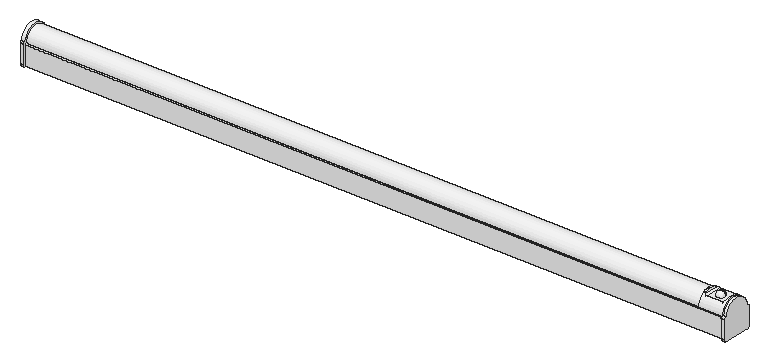
Revit family "0045223 Feilo Sylvania Lighting Fixture SYLBATTEN LED8 6000K TP3 PIR", category Lighting Fixtures, host Face, Revit 2017
Family settings
  Host = Face
  Round Connector Dimension = Use Diameter
  Part Type = Normal
  OmniClass Number = 23.80.70.00
  OmniClass Title = Lighting
  Cut with Voids When Loaded = No
  Light Source = Yes
  Shared = No
  Room Calculation Point = No
Parameters (values of type "0045223 SYLBATTEN LED8 6000K TP3 PIR")
  Width_FEILO = 66 mm
  Weight = "3.3 kg"
  Wattage Comments = "n/a"
  Wattage = 79 W
  WarrantyStartDate [instance] = "n/a"
  WarrantyGuarantorParts = "n/a"
  WarrantyDurationUnit = "n/a"
  WarrantyDurationParts = "n/a"
  WarrantyDescription = "n/a"
  built-in parameter 1150110 = 1 (stored number, unit not read)
  Voltage = 230 V
  URL = "http://www.sylvania-lighting.com"
  TypeName = "SYLBATTEN LED8 6000K TP3 PIR"
  Type Image = <None>
  Type Comments = "n/a"
  built-in parameter 1114217 = 1 (stored number, unit not read)
  Tilt Angle = -90.00°
  built-in parameter 1150109 = 1 (stored number, unit not read)
  built-in parameter 1150134 = 5
  SymReflector_FEILO = no
  built-in parameter 1150113 = 1 (stored number, unit not read)
  SerialNumber [instance] = "n/a"
  RadiusPIR_FEILO = 9 mm
  RadiusDiffuser_FEILO = 27 mm
  PowerFactor = 0
  PowerConsumption = "79 W"
  Photometric Web File = "0045223.ies"
  NominalLength = 1605 mm
  NominalHeight = 76 mm
  NominalDepth = 66 mm
  Name = "SYLBATTEN LED8 6000K TP3 PIR"
  ModelReference = Name  # "SYLBATTEN LED8 6000K TP3 PIR"
  ModelNumber = "0045223"
  Model = Name  # "SYLBATTEN LED8 6000K TP3 PIR"
  Material_4_FEILO = Reflector-Sylvania-Sylbatten-White
  Material_3_FEILO = Diffuser-Sylvania-Sylbatten-Glow
  Material_2_FEILO = Body-Sylvania-Sylbatten-White
  Material_1_FEILO = Body-Sylvania-Sylbatten-White
  Material = "sheet steel housing, polycarbonate diffuser"
  ManufacturerName = "Feilo Sylvania"
  Manufacturer = "Feilo Sylvania"
  LuminousEfficacy = "110.4 lm/W"
  built-in parameter 1150105 = 2455.4 (stored number, unit not read)
  Lumens = 8723.97 lm
  LuminaireType = ""
  built-in parameter 1150115 = 1 (stored number, unit not read)
  LightOutputRatio = "100"
  built-in parameter 1150137 = (empty or 0)
  built-in parameter 1150139 = (empty or 0)
  Length_FEILO = 1605 mm
  LampsType = Lamp  # "LED"
  LampNominalLuminous = "8724 lm"
  LampMacAdamStep = "n/a"
  LampColourTemperature = "6000 K"
  LampColourRenderingIndex = "80"
  built-in parameter 1150112 = 1 (stored number, unit not read)
  built-in parameter 1150114 = 1 (stored number, unit not read)
  Lamp = "LED"
  Keynote = "16500"
  InstallationDate [instance] = "n/a"
  InputVoltage = "220-240V~"
  InputNominalFrequency = "n/a"
  built-in parameter 1150132 = (empty or 0)
  built-in parameter 1150102 = (empty or 0)
  built-in parameter 1150107 = 6000 (stored number, unit not read)
  built-in parameter 1150138 = (empty or 0)
  IngressProtection = "IP20"
  ImpactProtectionIndex = "IK07"
  built-in parameter 1150106 = 24.554 (stored number, unit not read)
  IfcExportType = "IfcLightFixtureType"
  IfcExportAs = "IfcLightFixtureType"
  Height_FEILO = 76 mm
  ExpectedLife = 50000
  Emit from Rectangle Width = Length_FEILO - 16 mm - 55 mm  # 1534 mm
  Emit from Rectangle Length = Width_FEILO - 40 mm  # 26 mm
  Emit Shape Visible in Rendering = no
  ElectricShockClassification = "Class I"
  built-in parameter 1150104 = 10.259 (stored number, unit not read)
  DurationUnit = "hours"
  DocumentationLiterature = "http://www.sylvania-lighting.com/product/en-int/products/0045223"
  DimmingControlOptions = "n/a"
  Dimming Lamp Color Temperature Shift = <None>
  Description = "LED batten, T8 replacement, ease of installation through 2 part push-in design of the housing (safety cable included), through wiring capability (TP3 = 3 core), sheet steel, 8724LM, 79W, 110lm/W, 6000K, drive current: 450mA, CRI 80, 138° wide beam angle, electronic driver (non dimmable), with integrated PIR sensor, IP20, IK07, 50,000 hrs (L70), (LxWxH) 1505x66x76mm, 5 step MacAdam ellipse, 3.7kg, white RAL 9016, Class 1, 220-240V, energy class: A++, A+, A."
  Default Elevation = 1219.2 mm
  CreatedOn = "2/1/2018"
  CreatedBy = ""
  Cost = 0
  Color Filter = 16777215
  built-in parameter 1114216 [instance] = (empty or 0)
  ClassificationValue = "EF_70_80"
  ClassificationName = "Uniclass2015"
  CapOffset_FEILO = 2 mm
  BarCode [instance] = "n/a"
  built-in parameter 1114218 = 1 (stored number, unit not read)
  BackReflector_FEILO = and(not(AsymReflector_FEILO), SymReflector_FEILO)  # no
  built-in parameter 1150133 = 10 (stored number, unit not read)
  FrontReflector_FEILO = or(AsymReflector_FEILO, SymReflector_FEILO)  # no
  AsymReflector_FEILO = no
  AssetType = "Fixed"
  AssetIdentifier [instance] = "n/a"
  Assembly Code = "D5020200"
  Apparent Load = 79 VA
Reference planes
  plane 1 "Center (Front/Back)": y = 0
  plane 2: z = 0
  plane 3 "Center (Left/Right)": x = 0
  plane 4: x = 802.5
  plane 5: x = -802.5
  plane 6: y = 33
  plane 7: y = -33
  plane 8: z = 76
  plane 9: z = 47
  plane 10: y = -29
  plane 11: y = 29
  plane 12: z = 20
  plane 13: z = 74
  plane 14: y = -31
  plane 15: y = -27
  plane 16: y = 27
  plane 17: y = 31
  plane 18: z = 2
  plane 19: x = -794.5
  plane 20: x = 794.5
  plane 21: z = 49
  plane 22: y = 1
  plane 23: y = -1
  plane 24: z = 21
  plane 25: z = 19
  plane 26: y = -61
  plane 27: y = 61
  plane 28: y = -56
  plane 29: y = 56
  plane 30: z = 91
  plane 31: z = 88
  plane 32: x = 739.5
  plane 33: x = 745.5
  plane 34: x = 788.5
  plane 35: z = 69
  plane 36: x = 767
  plane 37: x = -27.5
Forms (mm)
  Extrusion 1, solid, material "Body-Sylvania-Sylbatten-White" <- "Material_2_FEILO"
    sketch origin (0, 0, 0) x (0, 1, 0) y (0, 0, 1)
      loop
        line (-31, 2) -> (31, 2) -> (31, 45)
        arc (31, 45) -> (30.414, 46.414) -> (29, 47) r 2
        line (29, 47) -> (-29, 47)
        arc (-29, 47) -> (-30.414, 46.414) -> (-31, 45) r 2
        line (-31, 45) -> (-31, 2)
    from -794.5 to 794.5
  Extrusion 2, solid, material "Body-Sylvania-Sylbatten-White" <- "Material_2_FEILO"
    sketch origin (802.5, 1524, 1219.2) x (0, 1, 0) y (0, 0, 1)
      loop
        arc (-1494, -1219.2) -> (-1491.879, -1218.321) -> (-1491, -1216.2) r 3
        line (-1491, -1216.2) -> (-1491, -1173.2)
        arc (-1491, -1173.2) -> (-1491.879, -1171.079) -> (-1494, -1170.2) r 3
        line (-1494, -1170.2) -> (-1495.069, -1170.2)
        arc (-1495.069, -1170.2) -> (-1524, -1143.2) -> (-1552.931, -1170.2) r 29
        line (-1552.931, -1170.2) -> (-1554, -1170.2)
        arc (-1554, -1170.2) -> (-1556.121, -1171.079) -> (-1557, -1173.2) r 3
        line (-1557, -1173.2) -> (-1557, -1216.2)
        arc (-1557, -1216.2) -> (-1556.121, -1218.321) -> (-1554, -1219.2) r 3
        line (-1554, -1219.2) -> (-1494, -1219.2)
      loop
        arc (-1525, -1189.25) -> (-1531.071, -1192.129) -> (-1533.95, -1198.2) r 10
        line (-1533.95, -1198.2) -> (-1532.944, -1198.2)
        arc (-1532.944, -1198.2) -> (-1530.364, -1192.836) -> (-1525, -1190.256) r 9
        line (-1525, -1190.256) -> (-1525, -1189.25)
      loop
        arc (-1523, -1190.256) -> (-1517.636, -1192.836) -> (-1515.056, -1198.2) r 9
        line (-1515.056, -1198.2) -> (-1514.05, -1198.2)
        arc (-1514.05, -1198.2) -> (-1516.929, -1192.129) -> (-1523, -1189.25) r 10
        line (-1523, -1189.25) -> (-1523, -1190.256)
      loop
        line (-1532.944, -1200.2) -> (-1533.95, -1200.2)
        arc (-1533.95, -1200.2) -> (-1531.071, -1206.271) -> (-1525, -1209.15) r 10
        line (-1525, -1209.15) -> (-1525, -1208.144)
        arc (-1525, -1208.144) -> (-1530.364, -1205.564) -> (-1532.944, -1200.2) r 9
      loop
        arc (-1515.056, -1200.2) -> (-1517.636, -1205.564) -> (-1523, -1208.144) r 9
        line (-1523, -1208.144) -> (-1523, -1209.15)
        arc (-1523, -1209.15) -> (-1516.929, -1206.271) -> (-1514.05, -1200.2) r 10
        line (-1514.05, -1200.2) -> (-1515.056, -1200.2)
    from 0 to -8
  Extrusion 3, solid, material "Body-Sylvania-Sylbatten-White" <- "Material_2_FEILO"
    sketch origin (-802.5, 1524, 1219.2) x (0, 1, 0) y (0, 0, 1)
      loop
        arc (-1495.069, -1170.2) -> (-1524, -1143.2) -> (-1552.931, -1170.2) r 29
        line (-1552.931, -1170.2) -> (-1554, -1170.2)
        arc (-1554, -1170.2) -> (-1556.121, -1171.079) -> (-1557, -1173.2) r 3
        line (-1557, -1173.2) -> (-1557, -1216.2)
        arc (-1557, -1216.2) -> (-1556.121, -1218.321) -> (-1554, -1219.2) r 3
        line (-1554, -1219.2) -> (-1494, -1219.2)
        arc (-1494, -1219.2) -> (-1491.879, -1218.321) -> (-1491, -1216.2) r 3
        line (-1491, -1216.2) -> (-1491, -1173.2)
        arc (-1491, -1173.2) -> (-1491.879, -1171.079) -> (-1494, -1170.2) r 3
        line (-1494, -1170.2) -> (-1495.069, -1170.2)
      loop
        line (-1533.95, -1198.2) -> (-1532.944, -1198.2)
        arc (-1532.944, -1198.2) -> (-1530.364, -1192.836) -> (-1525, -1190.256) r 9
        line (-1525, -1190.256) -> (-1525, -1189.25)
        arc (-1525, -1189.25) -> (-1531.071, -1192.129) -> (-1533.95, -1198.2) r 10
      loop
        line (-1523, -1189.25) -> (-1523, -1190.256)
        arc (-1523, -1190.256) -> (-1517.636, -1192.836) -> (-1515.056, -1198.2) r 9
        line (-1515.056, -1198.2) -> (-1514.05, -1198.2)
        arc (-1514.05, -1198.2) -> (-1516.929, -1192.129) -> (-1523, -1189.25) r 10
      loop
        line (-1514.05, -1200.2) -> (-1515.056, -1200.2)
        arc (-1515.056, -1200.2) -> (-1517.636, -1205.564) -> (-1523, -1208.144) r 9
        line (-1523, -1208.144) -> (-1523, -1209.15)
        arc (-1523, -1209.15) -> (-1516.929, -1206.271) -> (-1514.05, -1200.2) r 10
      loop
        line (-1525, -1209.15) -> (-1525, -1208.144)
        arc (-1525, -1208.144) -> (-1530.364, -1205.564) -> (-1532.944, -1200.2) r 9
        line (-1532.944, -1200.2) -> (-1533.95, -1200.2)
        arc (-1533.95, -1200.2) -> (-1531.071, -1206.271) -> (-1525, -1209.15) r 10
    from 0 to 8
  Extrusion 4, solid, material "Reflector-Sylvania-Sylbatten-White" <- "Material_4_FEILO", visible <- "FrontReflector_FEILO"
    sketch origin (0, 0, 0) x (0, 1, 0) y (0, 0, 1)
      loop
        line (-61.257, 88.429) -> (-60.743, 87.571) -> (-56.621, 90.044)
        arc (-56.621, 90.044) -> (-56.237, 90.099) -> (-55.929, 89.863) r 0.5
        line (-55.929, 89.863) -> (-31.435, 46.753) -> (-30.565, 47.247) -> (-55.312, 90.802)
        arc (-55.312, 90.802) -> (-55.928, 91.275) -> (-56.696, 91.165) r 1
        line (-56.696, 91.165) -> (-61.257, 88.429)
    from -794.5 to 794.5
  Extrusion 5, solid, material "Reflector-Sylvania-Sylbatten-White" <- "Material_4_FEILO", visible <- "BackReflector_FEILO"
    sketch origin (0, 0, 0) x (0, 1, 0) y (0, 0, 1)
      loop
        line (30.565, 47.247) -> (31.435, 46.753) -> (55.932, 89.868)
        arc (55.932, 89.868) -> (56.245, 90.112) -> (56.638, 90.062) r 0.518
        line (56.638, 90.062) -> (61.033, 87.565) -> (61.527, 88.435) -> (56.682, 91.188)
        arc (56.682, 91.188) -> (55.922, 91.282) -> (55.318, 90.812) r 1
        line (55.318, 90.812) -> (30.565, 47.247)
    from -794.5 to 794.5
  Extrusion 6, solid, material "Diffuser-Sylvania-Sylbatten-Glow" <- "Material_3_FEILO"
    sketch origin (0, 0, 0) x (0, 1, 0) y (0, 0, 1)
      loop
        arc (27, 47) -> (0, 74) -> (-27, 47) r 27
        line (-27, 47) -> (27, 47)
    from -794.5 to 739.5
  Extrusion 7, solid, material "Body-Sylvania-Sylbatten-White" <- "Material_2_FEILO"
    sketch origin (739.5, 1524, 1219.2) x (0, 1, 0) y (0, 0, 1)
      loop
        arc (-1495, -1172.2) -> (-1524, -1143.2) -> (-1553, -1172.2) r 29
        line (-1553, -1172.2) -> (-1495, -1172.2)
    from 0 to 55
  Extrusion 8, void
    sketch origin (0, 0, 0) x (1, 0, 0) y (0, 0, 1)
      loop
        line (748.432, 69) -> (785.568, 69)
        arc (785.568, 69) -> (787.933, 69.774) -> (789.383, 71.795) r 4
        line (789.383, 71.795) -> (794.5, 88) -> (739.5, 88) -> (744.617, 71.795)
        arc (744.617, 71.795) -> (746.067, 69.774) -> (748.432, 69) r 4
    from -27 to 27
  Revolve 9, solid, material "Body-Sylvania-Sylbatten-White" <- "Material_2_FEILO"
    sketch origin (0, 0, 0) x (1, 0, 0) y (0, 0, 1)
      loop
        arc (776, 69) -> (773.364, 75.364) -> (767, 78) r 9
        line (767, 78) -> (767, 69) -> (776, 69)
      axis (767, 78) -> (767, 69)
    angle from 360 to 0
Cuts and joins
  Extrusion 8 cuts Extrusion 7
Lines and regions (mm)
  reference lines
    curve 1: line (0, -61, 88) -> (0, -56, 91)
    curve 2: line (0, -56, 91) -> (0, -31, 47)
    curve 3: line (0, 31, 47) -> (0, 56, 91)
    curve 4: line (0, 56, 91) -> (0, 61.28, 88)
Dimensions and locks
  equal spacing: plane 5, plane 3 "Center (Left/Right)", plane 4
  equal spacing: plane 7, plane 1 "Center (Front/Back)", plane 6
  "Width_FEILO": plane 7 to plane 6
  "Length_FEILO": plane 5 to plane 4
  "Height_FEILO": plane 8 to plane 2
  locked: plane 9 to plane 8 at 29
  equal spacing: plane 10, plane 1 "Center (Front/Back)", plane 11
  locked: plane 7 to plane 10 at 4
  locked: plane 12 to plane 2 at 20
  "CapOffset_FEILO": plane 13 to plane 8
  "CapOffset_FEILO": plane 7 to plane 14
  "CapOffset_FEILO": plane 10 to plane 15
  "CapOffset_FEILO": plane 17 to plane 6
  "CapOffset_FEILO": plane 16 to plane 11
  "CapOffset_FEILO": plane 18 to plane 2
  locked: plane 14 to Extrusion 1 sketch curve at 2
  locked: Extrusion 1 sketch curve to plane 9 at 2  (x2)
  locked: plane 16 to Extrusion 1 sketch curve at 2
  equal spacing: plane 19, plane 3 "Center (Left/Right)", plane 20
  locked: plane 5 to plane 19 at 8
  "CapOffset_FEILO": plane 9 to plane 21
  locked: Extrusion 2 sketch curve to plane 2 at 47
  locked: Extrusion 2 sketch curve to plane 2 at 3  (x2)
  locked: plane 7 to Extrusion 2 sketch curve at 3  (x2)
  locked: Extrusion 2 sketch curve to plane 6 at 3  (x2)
  locked: Extrusion 2 sketch curve to plane 21 at 3  (x2)
  equal spacing: plane 23, plane 1 "Center (Front/Back)", plane 22
  equal spacing: plane 25, plane 12, plane 24
  plane 30 to plane 31 to plane 2 = 3 mm locked, 88 mm locked
  plane 28 to plane 29 = 112 mm
  plane 26 to plane 27 = 122 mm
  locked: plane 32 to plane 20 at 55
  plane 20 to plane 34 = 6 mm
  plane 33 to plane 32 = 6 mm
  plane 21 to plane 35 = 20 mm
  locked: Extrusion 8 sketch curve to plane 35 at 4  (x2)
  locked: Extrusion 8 sketch curve to plane 33 at 2.932
  locked: plane 34 to Extrusion 8 sketch curve at 2.932
  equal spacing: plane 34, plane 36, plane 33
  locked: plane 37 to plane 3 "Center (Left/Right)" at 27.5
  "RadiusDiffuser_FEILO": radius of Extrusion 6 sketch curve
  "RadiusPIR_FEILO": radius of Revolve 9 sketch curve
  aligned and locked: plane 2 to host face
  aligned and locked: level to host face
  aligned and locked: plane 18 to Extrusion 1 sketch curve
  aligned and locked: plane 14 to Extrusion 1 sketch curve
  aligned and locked: Extrusion 1 sketch curve to plane 9
  aligned and locked: Extrusion 1 sketch curve to plane 17
  aligned and locked: plane 20 to Extrusion 1
  aligned and locked: level to Extrusion 2 sketch curve
  aligned and locked: Extrusion 2 sketch curve to plane 7
  aligned and locked: plane 21 to Extrusion 2 sketch curve
  aligned and locked: Extrusion 2 sketch curve to plane 21
  aligned and locked: plane 1 "Center (Front/Back)" to Extrusion 2 sketch curve  (x3)
  aligned and locked: Extrusion 2 to Extrusion 1
  aligned and locked: plane 4 to Extrusion 2
  aligned and locked: plane 12 to Extrusion 2 sketch curve  (x2)
  aligned and locked: Extrusion 2 sketch curve to plane 22
  aligned and locked: Extrusion 2 sketch curve to plane 23
  aligned and locked: Extrusion 2 sketch curve to plane 24
  aligned and locked: Extrusion 2 sketch curve to plane 25
  aligned and locked: plane 25 to Extrusion 2 sketch curve
  aligned and locked: plane 22 to Extrusion 2 sketch curve
  aligned and locked: plane 24 to Extrusion 2 sketch curve
  aligned and locked: plane 23 to Extrusion 2 sketch curve  (x2)
  aligned and locked: Extrusion 3 sketch curve to Extrusion 2  (x22)
  aligned and locked: Extrusion 3 to Extrusion 1
  aligned and locked: Extrusion 3 to plane 5
  aligned and locked: plane 19 to Extrusion 3
  aligned and locked: plane 31 to curve 1
  aligned and locked: plane 30 to curve 1
  aligned and locked: plane 14 to curve 2
  aligned and locked: plane 9 to curve 2
  aligned and locked: plane 17 to curve 3
  aligned and locked: plane 30 to curve 3
  aligned and locked: plane 31 to curve 4
  aligned and locked: Extrusion 4 sketch curve to curve 2
  aligned and locked: Extrusion 4 sketch curve to curve 1
  aligned and locked: Extrusion 4 to Extrusion 1
  aligned and locked: Extrusion 1 to Extrusion 4
  aligned and locked: imposter light to plane 1 "Center (Front/Back)"
  aligned and locked: imposter light to plane 13
  aligned and locked: Extrusion 5 sketch curve to curve 4
  aligned and locked: Extrusion 5 sketch curve to curve 3
  aligned and locked: Extrusion 1 to Extrusion 5
  aligned and locked: Extrusion 5 to Extrusion 1
  aligned and locked: plane 9 to Extrusion 6 sketch curve  (x3)
  aligned and locked: plane 15 to Extrusion 6 sketch curve
  aligned and locked: plane 32 to Extrusion 6
  aligned and locked: Extrusion 1 to Extrusion 6
  aligned and locked: Extrusion 1 to Extrusion 7
  aligned and locked: Extrusion 7 to plane 32
  aligned and locked: Extrusion 7 sketch curve to Extrusion 2
  aligned and locked: Extrusion 7 sketch curve to Extrusion 1
  aligned and locked: Extrusion 1 to Extrusion 7 sketch curve
  aligned and locked: plane 35 to Extrusion 8 sketch curve
  aligned and locked: plane 15 to Extrusion 8
  aligned and locked: Extrusion 8 to plane 16
  aligned and locked: plane 31 to Extrusion 8 sketch curve  (x2)
  aligned and locked: plane 32 to Extrusion 8 sketch curve
  aligned and locked: plane 20 to Extrusion 8 sketch curve
  aligned and locked: Revolve 9 sketch curve to plane 36  (x2)
  aligned and locked: cut or joined group of Extrusion 7, Extrusion 8 to Revolve 9 sketch curve
  aligned and locked: imposter light to plane 37
Automatic sketch dimensions
  host sketch curve to host sketch curve = 2438.4 mm  (x2)
  Extrusion 2 sketch curve to Extrusion 2 sketch curve = 0 mm  (x14)
  Extrusion 2 sketch curve to plane 10 = 0.069 mm
  plane 23 to Extrusion 2 sketch curve = 8.95 mm
  Extrusion 2 sketch curve to Extrusion 2 sketch curve = 1.006 mm  (x4)
  Extrusion 2 sketch curve to plane 22 = 7.944 mm
  curve 1 to plane 26 = 0 mm
  curve 2 to plane 28 = 0 mm
  curve 4 to plane 29 = 0 mm
  plane 9 to curve 3 = 0 mm
  plane 26 to Extrusion 4 sketch curve = 0.257 mm
  Extrusion 4 sketch curve to plane 26 = 0.257 mm
  Extrusion 4 sketch curve to plane 30 = 0.165 mm
  plane 28 to Extrusion 4 sketch curve = 0.696 mm
  plane 28 to Extrusion 4 sketch curve = 0.621 mm
  plane 28 to Extrusion 4 sketch curve = 0.364 mm
  plane 28 to Extrusion 4 sketch curve = 0.182 mm
  Extrusion 4 sketch curve to plane 28 = 0.071 mm
  plane 30 to Extrusion 4 sketch curve = 0.198 mm
  Extrusion 4 sketch curve to plane 28 = 0.688 mm
  plane 9 to Extrusion 4 sketch curve = 0.247 mm
  plane 1 "Center (Front/Back)" to Extrusion 4 sketch curve = 31.435 mm
  Extrusion 5 sketch curve to plane 9 = 0.247 mm
  Extrusion 5 sketch curve to plane 1 "Center (Front/Back)" = 30.565 mm
  plane 9 to Extrusion 5 sketch curve = 0.247 mm
  plane 30 to Extrusion 5 sketch curve = 0.188 mm
  plane 29 to Extrusion 5 sketch curve = 0.068 mm
  Extrusion 5 sketch curve to plane 29 = 0.188 mm
  Extrusion 5 sketch curve to plane 29 = 0.382 mm
  Extrusion 5 sketch curve to Extrusion 5 sketch curve = 0.256 mm
  Extrusion 5 sketch curve to plane 30 = 0.188 mm
  Extrusion 5 sketch curve to plane 29 = 0.682 mm
  Extrusion 5 sketch curve to plane 27 = 0.033 mm
  Extrusion 5 sketch curve to plane 27 = 0.527 mm
  Extrusion 8 sketch curve to plane 33 = 0.883 mm
  plane 34 to Extrusion 8 sketch curve = 0.883 mm
  Revolve 9 sketch curve to plane 35 = 0 mm
  Revolve 9 sketch curve to plane 30 = 2347.4 mm
Connectors
  electrical at (0, 0, 0), driven by "Apparent Load", driven by "PowerFactor", driven by "Voltage"
    settings: index 1, voltage 230 V, apparent load 79 VA, apparent load phase1 0 VA, apparent load phase2 0 VA, apparent load phase3 0 VA, power factor 0, load classification "Lighting", number of poles 1, system type 30, power factor state 1, is connector primary yes, connector utility no, sub classification motor no, connector description ""
